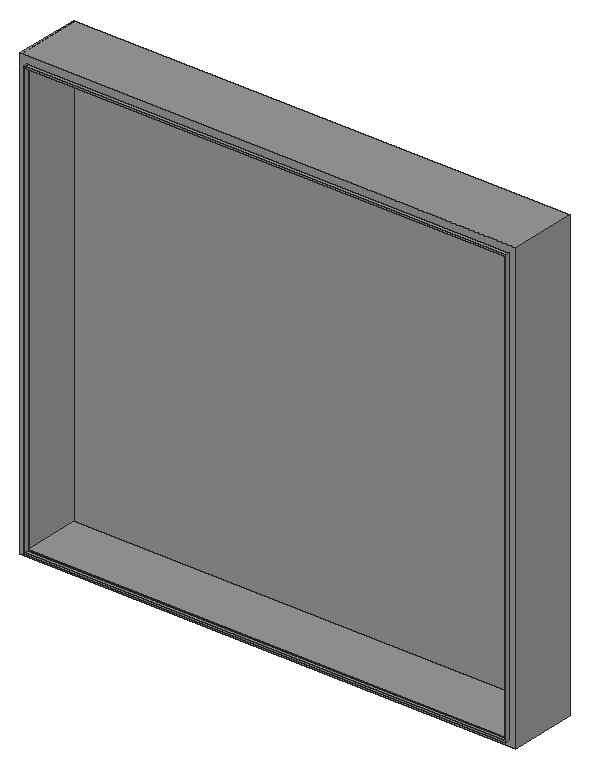
Revit family "Hager-Univers-IP30-D160-QS-Cl.II-FWQ_encl-NoHosted-NL-en", category Equipement électrique, Revit 2020
Family settings
  Configuration du panneau = Deux colonnes, circuits au sein
  Cote de connecteur circulaire = Utiliser le diamètre
  Type d'élément = Tableau de raccordement
  Basée sur le plan de construction = Oui
  Toujours verticalement = Oui
  Couper avec des vides une fois chargée = Non
  Partagée = Non
  Point de calcul de pièce = Non
Parameters (values of type "Surface mounted (plaster) IP30 W1050 H950 D160  - FWQ64D1")
  Width Control [instance] = if([EF000008 - Width] > Min Width, [EF000008 - Width], Min Width)  # 1050 mm
  Commentaires du type = [HG000003 - Range]  # "Univers"
  Thickness Door [instance] = if([EF009171 - Material plate thickness door/cover] > 3 mm, 3 mm, [EF009171 - Material plate thickness door/cover])  # 2 mm
  Seal Frame Offset [instance] = 17 mm  # constant formula
  Plinth Visibility [instance] = [HG000027 - Plinth height] > 0 mm  # no
  Min Width [instance] = 100 mm  # constant formula
  Min Depth [instance] = (2 * [EF009170 - Material plate thickness cabinet]) + 1 mm  # 5 mm
  Min Height [instance] = 100 mm  # constant formula
  Internal Frame Depth [instance] = (Door System Depth * 0.5)  # 9 mm
  Panel Name [instance] = ""  # (empty or 0)
  Model = ""
  HG000027 - Plinth height = 0 mm
  HG000026 - Floor standing = no
  HG000024 - Bottom section height = 600 mm
  HG000023 - Double section enclosure = no
  HG000016 - Door 3d visibility [instance] = yes
  HG000015 - Clearance visibility [instance] = no
  HG000014 - Door on the right [instance] = yes
  HG000013 - Door on the left [instance] = not([HG000014 - Door on the right])  # no
  HG000012 - Door swing angle [instance] = 30.00°
  HG000010 - Asymmetric doors = no
  HG000009 - Double swing door = no
  HG000006 - Flush mounted = no
  HG000004 - Manufacturer reference = "FWQ64D1"
  HG000003 - Range = "Univers"
  HG000002 - With door or cover = no
  Frame Offset Bottom [instance] = 10 mm  # constant formula
  Frame Offset [instance] = 15 mm  # constant formula
  EF015940 - Cover with overpressure release = no
  EF011959 - Degree of protection (NEMA) = ""
  EF009554 - Number of openings for flange plates = 8
  EF009212 - Cover model = "EV009916 - With notch"
  EF009171 - Material plate thickness door/cover = 2 mm
  EF009170 - Material plate thickness cabinet = 2 mm
  EF008873 - Nominal current (In) = 125 A
  EF007800 - Suitable for lightning protection = no
  EF006306 - With lock = no
  EF006244 - Transparent cover/door = no
  EF005474 - Degree of protection (IP) = "EV006410 - IP30"
  EF004464 - Type of door = "EV002646 - Single"
  EF004427 - Number of modules = 288
  EF004293 - Impact strength = ""
  EF003532 - Suitable for outdoor use = no
  EF002950 - Width in number of modular spacings = 48
  EF001613 - Circuit integrity = "EV000494 - None"
  EF001596 - Material housing = "EV000179 - Steel"
  EF001131 - Internal depth = 160 mm
  EF001088 - Extension possible = yes
  EF000437 - Number of conduit inlets = 16
  EF000339 - Type of cover = "EV001012 - Cover"
  EF000266 - Number of rows = 24
  EF000218 - Built-in depth = 0 mm
  EF000118 - With mounting plate = yes
  EF000116 - RAL-number = "9010"
  EF000049 - Depth = 160 mm
  EF000040 - Height = 950 mm
  EF000008 - Width = 1050 mm
  EF000007 - Colour = "EV000202 - White"
  EF000003 - Mounting method = "EV000384 - Surface mounted (plaster)"
  Door System Leaf Tolerance [instance] = 1.5 mm  # constant formula
  Door System Depth [instance] = 18 mm  # constant formula
  Door Height [instance] = Height Control - [HG000027 - Plinth height]  # 950 mm
  Description = ""
  Default Elevation = 1219.2 mm
  Connector Offset [instance] = Height Control / 2  # 475 mm
  Fabricant = "Hager"  # constant formula
  Height Control [instance] = if([EF000040 - Height] > Min Height, [EF000040 - Height], Min Height)  # 950 mm
  Depth Control [instance] = if([EF000049 - Depth] > Min Depth, [EF000049 - Depth], Min Depth)  # 160 mm
  Bottom Top Plate Trim [instance] = 1.5 mm  # constant formula
  Plinth height Ctrl [instance] = if([HG000027 - Plinth height] > 0 mm, [HG000027 - Plinth height], 12 mm)  # 12 mm
Reference planes
  plane 1 "Center (Front/Back)": y = 0
  plane 2: z = 0
  plane 3 "Center (Left/Right)": x = 0
  plane 4: y = 0
  plane 5: y = 0
  plane 6: z = 0
  plane 7: x = -525
  plane 8: x = 525
  plane 9: x = 523
  plane 10: x = -523
  plane 11: z = 0
  plane 12: z = 2
  plane 13: y = -160
  plane 14: y = -2
  plane 15: x = 0
  plane 16: y = -142
  plane 17: y = -158
  plane 18: y = -140
  plane 19: x = -508
  plane 20: x = 508
  plane 21: z = 12
  plane 22: x = -508
  plane 23: x = 508
  plane 24: z = 0
  plane 25: z = 950
  plane 26: z = 950
  plane 27: z = 933
  plane 28: z = 948
Forms (mm)
  Extrusion 1, solid, material "Hager_Steel_RAL7035_Light_Grey", detail levels medium+fine
    sketch origin (-208.679, -4572, 0) x (-1, 0, 0) y (0, -1, 0)
      loop
        line (316.321, -4430) -> (-733.679, -4430) -> (-733.679, -4572) -> (316.321, -4572) -> (316.321, -4430)
    from 0 to 950
  Extrusion 2, void
    sketch origin (-350.771, -160, 1219.2) x (1, 0, 0) y (0, 0, 1)
      loop
        line (-172.229, -271.2) -> (-172.229, -1217.2) -> (873.771, -1217.2) -> (873.771, -271.2) -> (-172.229, -271.2)
    from -20 to -158
  Extrusion 3, void
    sketch origin (-290.084, -142, 1219.2) x (1, 0, 0) y (0, 0, 1)
      loop
        line (-217.916, -1207.2) -> (798.084, -1207.2) -> (798.084, -286.2) -> (-217.916, -286.2) -> (-217.916, -1207.2)
    from 0 to -2
  Extrusion 4, solid, material "Hager_Steel_RAL7035_Light_Grey", visible <- "Plinth Visibility", detail levels medium+fine
    sketch origin (0, 0, 0) x (1, 0, 0) y (0, 1, 0)
      loop
        line (-525, 0) -> (-525, -142) -> (525, -142) -> (525, 0) -> (-525, 0)
    from 0 to 12 <- "Plinth height Ctrl"
  Extrusion 5, solid, material "Hager_Steel_RAL7035_Light_Grey", detail levels coarse
    sketch origin (0, 0, 0) x (1, 0, 0) y (0, 1, 0)
      loop
        line (-525, 0) -> (-525, -160) -> (525, -160) -> (525, 0) -> (-525, 0)
    from 0 to 950 <- "Height Control"
  Sweep 6, void
    path in 3D
      loop
        line (-525, -142, 12) -> (525, -142, 12) -> (525, 0, 12) -> (-525, 0, 12) -> (-525, -142, 12)
    profile origin (-525, -71, 12) x (1, 0, 0) y (0, 0, 1)
      loop
        line (0, 0) -> (0, -1.5) -> (1.5, -1.5)
        arc (1.5, -1.5) -> (1.061, -0.439) -> (0, 0) r 1.5
  Extrusion 7, solid, material "Hager_Steel_RAL7035_Light_Grey", detail levels fine
    sketch origin (-525, -142, 0) x (1, 0, 0) y (0, 0, 1)
      loop
        line (17, 12) -> (1033, 12) -> (1033, 933) -> (17, 933) -> (17, 12)
      loop
        line (15, 10) -> (1035, 10) -> (1035, 935) -> (15, 935) -> (15, 10)
    from 0 to 9 <- "Internal Frame Depth"
Cuts and joins
  Extrusion 2, Extrusion 3 cuts Extrusion 1
  Sweep 6 cuts Extrusion 4
Lines and regions (mm)
  Masking region 1
    outline origin (0, 0, 0) x (1, 0, 0) y (0, 1, 0)
      loop
        line (-525, 0) -> (-525, -160) -> (525, -160) -> (525, 0) -> (-525, 0)
  Masking region 2, detail levels coarse
    outline origin (-290.084, -142, 1219.2) x (-1, 0, 0) y (0, 0, 1)
      loop
        line (-815.084, -1219.2) -> (234.916, -1219.2) -> (234.916, -269.2) -> (-815.084, -269.2) -> (-815.084, -1219.2)
  Masking region 3, detail levels coarse
    outline origin (0, 0, 0) x (0, 1, 0) y (0, 0, 1)
      loop
        line (0, 0) -> (0, 950) -> (-160, 950) -> (-160, 0) -> (0, 0)
  Masking region 4, visible <- "Plinth Visibility", detail levels medium+fine
    outline origin (0, 0, 0) x (0, 1, 0) y (0, 0, 1)
      loop
        line (-1.5, 12) -> (-140.5, 12)
        arc (-140.5, 12) -> (-140.939, 10.939) -> (-142, 10.5) r 1.5
        line (-142, 10.5) -> (-142, 0) -> (0, 0) -> (0, 10.5)
        arc (0, 10.5) -> (-1.061, 10.939) -> (-1.5, 12) r 1.5
  Masking region 5, detail levels medium+fine
    outline origin (0, 0, 594.038) x (0, 1, 0) y (0, 0, 1)
      loop
        line (0, -594.038) -> (0, 355.962) -> (-142, 355.962) -> (-142, -594.038) -> (0, -594.038)
  Masking region 6, detail levels medium+fine
    outline origin (-359.7, -142, 1211.883) x (-1, 0, 0) y (0, 0, 1)
      loop
        line (-884.7, -1211.883) -> (165.3, -1211.883) -> (165.3, -261.883) -> (-884.7, -261.883) -> (-884.7, -1211.883)
  Masking region 7, visible <- "Plinth Visibility", detail levels medium+fine
    outline origin (-320.334, -142, 1041.368) x (-1, 0, 0) y (0, 0, 1)
      loop
        line (-845.334, -1041.368) -> (204.666, -1041.368) -> (204.666, -1030.868)
        arc (204.666, -1030.868) -> (203.606, -1030.429) -> (203.166, -1029.368) r 1.5
        line (203.166, -1029.368) -> (-843.834, -1029.368)
        arc (-843.834, -1029.368) -> (-844.273, -1030.429) -> (-845.334, -1030.868) r 1.5
        line (-845.334, -1030.868) -> (-845.334, -1041.368)
  sketch lines
    curve 1: line (-525, 0, 12) -> (-525, -142, 12)
    curve 2: line (-525, -142, 12) -> (525, -142, 12)
    curve 3: line (525, 0, 12) -> (-525, 0, 12)
    curve 4: line (525, -142, 12) -> (525, 0, 12)
Dimensions and locks
  locked: plane 1 "Center (Front/Back)" to plane 5
  "EF009170 - Material plate thickness cabinet": plane 7 to plane 10
  "EF009170 - Material plate thickness cabinet": plane 8 to plane 9
  equal spacing: plane 7, plane 3 "Center (Left/Right)", plane 8
  "Width Control": plane 7 to plane 8
  "Depth Control": plane 4 to plane 13
  "EF009170 - Material plate thickness cabinet": plane 4 to plane 14
  "Height Control": plane 25 to level
  "HG000027 - Plinth height": plane 11 to level
  "EF009170 - Material plate thickness cabinet": plane 12 to plane 11
  "EF009170 - Material plate thickness cabinet": plane 17 to plane 13
  "EF009170 - Material plate thickness cabinet": plane 18 to plane 16
  "Frame Offset Bottom": plane 21 to plane 12
  "Frame Offset": plane 10 to plane 19
  "Frame Offset": plane 9 to plane 20
  "Door System Depth": plane 16 to plane 13
  "Seal Frame Offset": plane 7 to plane 22
  "Seal Frame Offset": plane 8 to plane 23
  "EF009170 - Material plate thickness cabinet": plane 26 to plane 28
  "Frame Offset": plane 28 to plane 27
  "Connector Offset": plane 2 to connector elem
  "Bottom Top Plate Trim": profile plane to Sweep 6 sketch curve
  "Bottom Top Plate Trim": Sweep 6 sketch curve to Sweep 6 sketch curve
  "Plinth height Ctrl": Masking region 4 sketch curve to level
  "Plinth height Ctrl": Masking region 7 sketch curve to level
  "Thickness Door": Extrusion 7 sketch curve to Extrusion 7 sketch curve  (x4)
  "Bottom Top Plate Trim": radius of Sweep 6 sketch curve
  "Bottom Top Plate Trim": radius of Masking region 4 sketch curve  (x2)
  "Bottom Top Plate Trim": radius of Masking region 7 sketch curve  (x2)
  aligned and locked: Extrusion 2 sketch curve to plane 12
  aligned and locked: Extrusion 2 sketch curve to plane 9
  aligned and locked: Extrusion 2 sketch curve to plane 10
  aligned and locked: Extrusion 2 to plane 14
  aligned and locked: Extrusion 1 sketch curve to plane 4
  aligned and locked: plane 8 to Extrusion 1 sketch curve
  aligned and locked: plane 7 to Extrusion 1 sketch curve
  aligned and locked: Extrusion 2 to plane 18
  aligned and locked: Extrusion 3 sketch curve to plane 19
  aligned and locked: plane 20 to Extrusion 3 sketch curve
  aligned and locked: Extrusion 3 to Extrusion 2
  aligned and locked: Extrusion 3 sketch curve to plane 21
  aligned and locked: plane 3 "Center (Left/Right)" to nested 1
  aligned and locked: Extrusion 1 sketch curve to plane 16
  aligned and locked: Extrusion 4 sketch curve to cut or joined group of Extrusion 1, Extrusion 2, Extrusion 3
  aligned and locked: Masking region 1 sketch curve to plane 7
  aligned and locked: Masking region 1 sketch curve to plane 5
  aligned and locked: Masking region 1 sketch curve to plane 8
  aligned and locked: Masking region 2 sketch curve to level
  aligned and locked: level to Masking region 3 sketch curve
  aligned and locked: plane 1 "Center (Front/Back)" to Masking region 3 sketch curve
  aligned and locked: plane 13 to Masking region 3 sketch curve
  aligned and locked: plane 5 to Masking region 4 sketch curve
  aligned and locked: Masking region 2 sketch curve to plane 8
  aligned and locked: Masking region 2 sketch curve to plane 7
  aligned and locked: plane 7 to nested 2
  aligned and locked: nested 2 to plane 5
  aligned and locked: plane 5 to Masking region 5 sketch curve
  aligned and locked: plane 26 to Masking region 5 sketch curve
  aligned and locked: Extrusion 5 sketch curve to plane 8
  aligned and locked: Extrusion 5 sketch curve to plane 7
  aligned and locked: Extrusion 5 sketch curve to plane 5
  aligned and locked: Extrusion 3 sketch curve to plane 27
  aligned and locked: Extrusion 2 sketch curve to plane 28
  aligned and locked: Masking region 2 to plane 25
  aligned and locked: Extrusion 4 to plane 16
  aligned and locked: profile plane to Sweep 6 sketch curve
  aligned and locked: Masking region 5 sketch curve to plane 24
  aligned and locked: level to Masking region 4 sketch curve
  aligned and locked: Masking region 1 to plane 13
  aligned and locked: nested 1 to plane 16
  aligned and locked: Masking region 3 to plane 25
  aligned and locked: plane 16 to Masking region 4 sketch curve
  aligned and locked: Masking region 5 sketch curve to plane 16
  aligned and locked: plane 24 to plane 11
  aligned and locked: plane 26 to plane 25
  aligned and locked: plane 26 to cut or joined group of Extrusion 1, Extrusion 2, Extrusion 3
  aligned and locked: nested 1 to plane 24
  aligned and locked: Extrusion 1 to Extrusion 3
  aligned and locked: Masking region 6 sketch curve to plane 8
  aligned and locked: Masking region 6 sketch curve to plane 24
  aligned and locked: Masking region 6 sketch curve to plane 7
  aligned and locked: Masking region 6 sketch curve to plane 26
  aligned and locked: Masking region 7 sketch curve to plane 7
  aligned and locked: level to Masking region 7 sketch curve
  aligned and locked: Masking region 7 sketch curve to plane 8
  aligned and locked: Extrusion 7 sketch curve to cut or joined group of Extrusion 1, Extrusion 2, Extrusion 3  (x4)
Automatic sketch dimensions
  plane 19 to Extrusion 3 sketch curve = 0 mm
  Extrusion 3 sketch curve to plane 20 = 0 mm
  Extrusion 3 sketch curve to plane 21 = 0 mm
  Extrusion 4 sketch curve to plane 7 = 0 mm
  Extrusion 4 sketch curve to plane 8 = 0 mm
  Extrusion 4 sketch curve to plane 16 = 0 mm
  Masking region 1 sketch curve to plane 13 = 0 mm
  Masking region 2 sketch curve to plane 25 = 0 mm
  Masking region 3 sketch curve to plane 25 = 0 mm
  Extrusion 5 sketch curve to plane 13 = 0 mm
  profile plane to Sweep 6 sketch curve = 0 mm
Nested families
  nested 1: "EC000058_Univers_Door" at (0, -142, 0), Double <- "HG000009 - Double swing door", Transparent <- "EF006244 - Transparent cover/door", Angle <- "HG000012 - Door swing angle", Door_Right <- "HG000014 - Door on the right", Assymetrical <- "HG000010 - Asymmetric doors", Door <- "HG000002 - With door or cover", Width_Ctrl <- "Width Control", 3d_Door <- "HG000016 - Door 3d visibility", Clearance <- "HG000015 - Clearance visibility", Door_Left <- "HG000013 - Door on the left", Width <- "Width Control", Door_Depth <- "Door System Depth", Leaf_Tolerance <- "Door System Leaf Tolerance", Height <- "Door Height", Lock_Visibility <- "EF006306 - With lock", Thickness <- "Thickness Door", type "EC000058_Univers_Door", detail levels medium+fine
    with min_wh 5 mm, Width_Ctrl 1050 mm, Width 1050 mm, Transparent no, Thickness 2 mm, Seal_Material Hager_Rubber, Lock_Visibility no, Lock_Material Hager_Plastic_RAL9005_Jet_Black, Leaf_Width 1050 mm, Leaf_Tolerance_External_Sides 0 mm, Leaf_Tolerance 1.5 mm, Leaf_Offset 0 mm, Leaf_Height 947 mm, Leaf_2_Width 1050 mm, Leaf_2_Offset 525 mm, Leaf_1_Width 1050 mm, Leaf_1_Offset 525 mm, Height_Ctrl 950 mm, Height 950 mm, Glass_Material Hager_Glass, Double_Clearance_Ctrl no, Double no, Door_Right_Ctrl no, Door_Right yes, Door_Material Hager_Steel_RAL7035_Light_Grey, Door_Left_Ctrl no, Door_Left no, Door_Depth 18 mm, Door no, Clearance_Material Hager_Clearance, Clearance_Depth 1050 mm, Clearance_Ctrl no, Clearance no, Assymetrical no, Angle 30.00°, 3d_Door yes
  nested 2: "Hager_Enclosure_Symbol" at (-525, 0, 0), Height <- "Depth Control", Width <- "Width Control", type "Hager_Enclosure_Symbol"
    with Width_Ctrl 1050 mm, Width 1050 mm, Height_Ctrl 160 mm, Height 160 mm, A_Width_Int 10.5 mm, A_Width 126 mm, A_Height_Ctrl 140 mm, A_Height 140 mm
Connectors
  electrical at (0, 0, 475)
    settings: on plane 1 "Center (Front/Back)", index 1, voltage 0 V, apparent load 0 VA, apparent load phase1 0 VA, apparent load phase2 0 VA, apparent load phase3 0 VA, power factor 1, load classification "Other", number of poles 1, system type 30, power factor state 1, is connector primary yes, connector utility no, sub classification motor no, connector description ""
Definition of nested family "EC000058_Univers_Door"
  Parameters (values of type "EC000058_Univers_Door")
    min_wh [instance] = (2 * Thickness) + 1 mm  # 11 mm
    Width_Ctrl [instance] = 400 mm
    Width [instance] = 500 mm
    Transparent [instance] = yes
    Thickness [instance] = 5 mm
    Seal_Material [instance] = none
    Lock_Visibility [instance] = yes
    Lock_Material [instance] = none
    Leaf_Width [instance] = if((Width_Ctrl - 2 * Leaf_Tolerance_External_Sides) > 0 mm, (Width_Ctrl - 2 * Leaf_Tolerance_External_Sides), min_wh)  # 400 mm
    Leaf_Tolerance_External_Sides [instance] = 0 mm  # constant formula
    Leaf_Tolerance [instance] = 1.5 mm
    Leaf_Offset [instance] = 0 mm  # constant formula
    Leaf_Height [instance] = if((Height_Ctrl - 2 * Leaf_Tolerance) > 0 mm, (Height_Ctrl - 2 * Leaf_Tolerance), min_wh)  # 497 mm
    Leaf_2_Width [instance] = if(and(and(Double, Assymetrical), Door_Left), (Leaf_Width / 3) - (Leaf_Tolerance / 2), if(and(and(Double, Assymetrical), Door_Right), (Leaf_Width / 3) * 2 - (Leaf_Tolerance / 2), if(and(Double, not(Assymetrical)), (Leaf_Width / 2) - Leaf_Tolerance, Leaf_Width)))  # 400 mm
    Leaf_2_Offset [instance] = if(and(Double, Assymetrical), Leaf_2_Width / 2, if(and(Double, not(Assymetrical)), Leaf_Width / 4, Leaf_Width / 2))  # 200 mm
    Leaf_1_Width [instance] = if(and(and(Double, Assymetrical), Door_Right), (Leaf_Width / 3) - (Leaf_Tolerance / 2), if(and(and(Double, Assymetrical), Door_Left), (Width / 3) * 2 - (Leaf_Tolerance / 2), if(and(Double, not(Assymetrical)), (Leaf_Width / 2) - Leaf_Tolerance, Leaf_Width)))  # 400 mm
    Leaf_1_Offset [instance] = if(and(Double, Assymetrical), Leaf_1_Width / 2, if(and(Double, not(Assymetrical)), Leaf_Width / 4, Leaf_Width / 2))  # 200 mm
    Height_Ctrl [instance] = if(Height > min_wh, Height, min_wh)  # 500 mm
    Height [instance] = 500 mm
    Glass_Material [instance] = none
    Double_Clearance_Ctrl [instance] = and(Double, Clearance)  # no
    Double [instance] = no
    Door_Right_Ctrl [instance] = and(or(Door_Right, Double), Door)  # yes
    Door_Right [instance] = yes
    Door_Material [instance] = none
    Door_Left_Ctrl [instance] = and(or(Door_Left, Double), Door)  # no
    Door_Left [instance] = no
    Door_Depth [instance] = 30 mm
    Door [instance] = yes
    Default Elevation = 1219.2 mm
    Clearance_Material [instance] = none
    Clearance_Depth [instance] = if(Leaf_1_Width > Leaf_2_Width, Leaf_1_Width, Leaf_2_Width)  # 400 mm
    Clearance_Ctrl [instance] = and(not(Double), Clearance)  # yes
    Clearance [instance] = yes
    Assymetrical [instance] = yes
    Angle [instance] = 30.00°
    3d_Door [instance] = yes
  Reference planes
    plane 1 "Center (Front/Back)": y = 0
    plane 2 "Bottom": z = 0
    plane 3 "Center (Left/Right)": x = 0
    plane 4: z = 500
    plane 5: x = -200
    plane 6: x = 200
    plane 7: z = 500
    plane 8: x = -200
    plane 9: z = 0
    plane 10: x = 200
    plane 11: y = 0
    plane 12: z = 1.5
    plane 13: x = -600
    plane 14: y = -400
    plane 15: x = 600
    plane 16: x = 0
    plane 17: x = 0
    plane 18: x = -200
    plane 19: x = 200
    plane 20: z = 498.5
  Forms (mm)
    Extrusion 1, solid, material <- "Clearance_Material", visible <- "Double_Clearance_Ctrl"
      sketch origin (1200, 0, 0) x (1, 0, 0) y (0, 0, -1)
        loop
          line (-1800, -498.5) -> (-600, -498.5) -> (-600, 0) -> (-1800, 0) -> (-1800, -498.5)
      from 0 to -400
  Dimensions and locks
    equal spacing: plane 5, plane 3 "Center (Left/Right)", plane 6
    "Width_Ctrl": plane 5 to plane 6
    "Leaf_Offset": plane 5 to plane 8
    "Leaf_Offset": plane 6 to plane 10
    "Leaf_Offset": plane 9 to level
    "Leaf_Offset": plane 4 to plane 7
    "Height_Ctrl": plane 4 to level
    "Leaf_Tolerance": plane 12 to plane 9
    locked: plane 11 to plane 1 "Center (Front/Back)"
    "Leaf_1_Offset": plane 18 to plane 16
    "Leaf_2_Offset": plane 17 to plane 19
    "Leaf_1_Width": plane 13 to plane 8
    "Leaf_2_Width": plane 10 to plane 15
    "Clearance_Depth": plane 14 to plane 1 "Center (Front/Back)"
    "Leaf_Tolerance_External_Sides": plane 8 to plane 18
    "Leaf_Tolerance_External_Sides": plane 19 to plane 10
    "Leaf_Tolerance": plane 7 to plane 20
    aligned and locked: level to plane 2 "Bottom"
    aligned and locked: nested 1 to plane 16
    aligned and locked: nested 2 to plane 17
    aligned and locked: Extrusion 1 to plane 13
    aligned and locked: plane 15 to Extrusion 1
    aligned and locked: Extrusion 1 to plane 14
    aligned and locked: plane 12 to nested 1
    aligned and locked: nested 2 to plane 12
    aligned and locked: Extrusion 1 to plane 11
    aligned and locked: plane 20 to Extrusion 1
    aligned and locked: nested 2 to plane 11
    aligned and locked: nested 1 to plane 11
  Automatic sketch dimensions
    Extrusion 1 sketch curve to level = 0 mm
    plane 5 to Extrusion 1 sketch curve = 400 mm
    plane 6 to Extrusion 1 sketch curve = 400 mm
    Extrusion 1 sketch curve to plane 4 = 1.5 mm
  Nested families
    nested 1: "EC000058_Univers_Door_Leaf" at (0, 0, 1.5), Width <- "Leaf_1_Width", visible <- "Door_Left_Ctrl", Leaf_Height <- "Leaf_Height", Angle <- "Angle", 3d_Door <- "3d_Door", Transparent <- "Transparent", Clearance Material <- "Clearance_Material", Clearance <- "Clearance_Ctrl", Door_Material <- "Door_Material", Glass_Material <- "Glass_Material", Door_Depth <- "Door_Depth", Lock_Material <- "Lock_Material", Seal_Material <- "Seal_Material", Lock_Visibility <- "Lock_Visibility", Thickness <- "Thickness", type "EC000058_Univers_Door_Leaf"
      with Width 400 mm, Transparent_Glass_Offset 30 mm, Transparent_Ctrl yes, Transparent yes, Thickness 5 mm, Standard no, Seal_Material none, Seal_D2 8 mm, Seal_D1 1 mm, Offset_Internal_Frame 10 mm, Lock_Width 20 mm, Lock_Visibility_3d yes, Lock_Visibility yes, Lock_Thickness_3 3 mm, Lock_Thickness_2 1 mm, Lock_Thickness_1 3 mm, Lock_Radius_Offset_2 16 mm, Lock_Radius_Offset_1 15 mm, Lock_Radius_2 5 mm, Lock_Radius 6 mm, Lock_Offset 5 mm, Lock_Material none, Lock_Height 80 mm, Lock_Cover_Top_Offset_2d 17 mm, Lock_Cover_Height -65 mm, Leaf_Height 497 mm, Internal_Seal_Thickness 8 mm, Internal_Seal_Depth_2 4.5 mm, Internal_Frame_Depth 25 mm, Glass_Thickness -1 mm, Glass_Offset -2 mm, Glass_Material none, Door_Material none, Door_Depth 30 mm, Clearance Material none, Clearance yes, Angle_Ctrl 30.00°, Angle 30.00°, 3d_Door yes
    nested 2: "EC000058_Univers_Door_Leaf" at (0, 0, 1.5) x (-1, 0, 0) z (0, 0, 1), Width <- "Leaf_2_Width", visible <- "Door_Right_Ctrl", Leaf_Height <- "Leaf_Height", Angle <- "Angle", 3d_Door <- "3d_Door", Transparent <- "Transparent", Clearance Material <- "Clearance_Material", Clearance <- "Clearance_Ctrl", Door_Material <- "Door_Material", Glass_Material <- "Glass_Material", Door_Depth <- "Door_Depth", Lock_Material <- "Lock_Material", Seal_Material <- "Seal_Material", Lock_Visibility <- "Lock_Visibility", Thickness <- "Thickness", type "EC000058_Univers_Door_Leaf"
      with Width 400 mm, Transparent_Glass_Offset 30 mm, Transparent_Ctrl yes, Transparent yes, Thickness 5 mm, Standard no, Seal_Material none, Seal_D2 8 mm, Seal_D1 1 mm, Offset_Internal_Frame 10 mm, Lock_Width 20 mm, Lock_Visibility_3d yes, Lock_Visibility yes, Lock_Thickness_3 3 mm, Lock_Thickness_2 1 mm, Lock_Thickness_1 3 mm, Lock_Radius_Offset_2 16 mm, Lock_Radius_Offset_1 15 mm, Lock_Radius_2 5 mm, Lock_Radius 6 mm, Lock_Offset 5 mm, Lock_Material none, Lock_Height 80 mm, Lock_Cover_Top_Offset_2d 17 mm, Lock_Cover_Height -65 mm, Leaf_Height 497 mm, Internal_Seal_Thickness 8 mm, Internal_Seal_Depth_2 4.5 mm, Internal_Frame_Depth 25 mm, Glass_Thickness -1 mm, Glass_Offset -2 mm, Glass_Material none, Door_Material none, Door_Depth 30 mm, Clearance Material none, Clearance yes, Angle_Ctrl 30.00°, Angle 30.00°, 3d_Door yes
  Definition of nested family "EC000058_Univers_Door_Leaf"
    Parameters (values of type "EC000058_Univers_Door_Leaf")
      Width [instance] = 2000 mm
      Transparent_Glass_Offset [instance] = 30 mm
      Transparent_Ctrl [instance] = and(Transparent, [3d_Door])  # yes
      Transparent [instance] = yes
      Thickness [instance] = 5 mm
      Standard [instance] = and(not(Transparent), [3d_Door])  # no
      Seal_Material [instance] = none
      Seal_D2 [instance] = 8 mm  # constant formula
      Seal_D1 [instance] = 1 mm  # constant formula
      Offset_Internal_Frame [instance] = 10 mm  # constant formula
      Lock_Width [instance] = 20 mm  # constant formula
      Lock_Visibility_3d [instance] = and(Lock_Visibility, [3d_Door])  # yes
      Lock_Visibility [instance] = yes
      Lock_Thickness_3 [instance] = 3 mm  # constant formula
      Lock_Thickness_2 [instance] = 1 mm  # constant formula
      Lock_Thickness_1 [instance] = 3 mm  # constant formula
      Lock_Radius_Offset_2 [instance] = Lock_Radius_Offset_1 + 1 mm  # 16 mm
      Lock_Radius_Offset_1 [instance] = 15 mm  # constant formula
      Lock_Radius_2 [instance] = Lock_Radius - 1 mm  # 5 mm
      Lock_Radius [instance] = 6 mm  # constant formula
      Lock_Offset [instance] = 5 mm  # constant formula
      Lock_Material [instance] = none
      Lock_Height [instance] = 80 mm  # constant formula
      Lock_Cover_Top_Offset_2d [instance] = Lock_Radius_Offset_2 + 1 mm  # 17 mm
      Lock_Cover_Height [instance] = -(Lock_Height - Lock_Radius_Offset_1)  # -65 mm
      Leaf_Height [instance] = 2720.336 mm
      Internal_Seal_Thickness [instance] = 8 mm  # constant formula
      Internal_Seal_Depth_2 [instance] = 4.5 mm  # constant formula
      Internal_Frame_Depth [instance] = if(Door_Depth - Thickness > 5 mm, Door_Depth - Thickness, 5 mm)  # 25 mm
      Glass_Thickness [instance] = if(Thickness > 15 mm, Glass_Offset + 10 mm, -1 mm)  # -1 mm
      Glass_Offset [instance] = if(Thickness > 15 mm, -(Thickness + 10 mm) / 2, -2 mm)  # -2 mm
      Glass_Material [instance] = none
      Door_Material [instance] = none
      Door_Depth [instance] = 30 mm
      Default Elevation = 0 mm
      Clearance Material [instance] = none
      Clearance [instance] = yes
      Angle_Ctrl [instance] = if(Angle > 180.00°, 180.00°, Angle)  # 90.00°
      Angle [instance] = 90.00°
      3d_Door [instance] = yes
    Reference planes
      plane 1 "Center (Front/Back)": y = 0
      plane 2: z = 0
      plane 3 "Center (Left/Right)": x = 0
      plane 4: y = 2000
      plane 5: x = -1000
      plane 6: x = 1000
      plane 7: x = -3000
      plane 8: z = 2720.336
      plane 9: z = 30
      plane 10: z = 2690.336
      plane 11: x = 970
      plane 12: x = -970
      plane 13: y = -3
      plane 14: z = 107.833
      plane 15: y = -5
      plane 16: y = -223.314
      plane 17: x = -1000
      plane 18: z = 1360.168
      plane 19: y = 30
    Forms (mm)
      Extrusion 1, solid, material <- "Clearance Material", visible <- "Clearance"
        sketch origin (0, 0, 0) x (1, 0, 0) y (0, 0, 1)
          loop
            line (-3000, 2720.336) -> (-3000, 0) -> (1000, 0) -> (1000, 2720.336) -> (-3000, 2720.336)
        from 0 to -2000
      Extrusion 2, solid, material <- "Door_Material", visible <- "Standard", detail levels medium+fine
        sketch origin (-1000, 0, 0) x (0, 1, 0) y (-1, 0, 0)
          loop
            line (0, 30) -> (0, 25) -> (2000, 25) -> (2000, 30) -> (0, 30)
        from 0 to 2720.336 <- "Leaf_Height"
      Extrusion 3, solid, material <- "Door_Material", visible <- "Transparent_Ctrl", detail levels medium+fine
        sketch origin (-1000, 0, 0) x (0, 1, 0) y (-1, 0, 0)
          loop
            line (0, 25) -> (2000, 25) -> (2000, 30) -> (0, 30) -> (0, 25)
        from 0 to 2720.336 <- "Leaf_Height"
      Extrusion 4, void
        sketch origin (-1025, 2000, 0) x (0, 1, 0) y (0, 0, -1)
          loop
            line (-30, -2690.336) -> (-30, -30) -> (-1970, -30) -> (-1970, -2690.336) -> (-30, -2690.336)
        from 0 to 5 <- "Thickness"
      Sweep 5, solid, material <- "Seal_Material", visible <- "Transparent_Ctrl", detail levels fine
        path in 3D
          loop
            line (-1025, 30, 30) -> (-1025, 30, 2690.336) -> (-1025, 1970, 2690.336) -> (-1025, 1970, 30) -> (-1025, 30, 30)
        profile origin (-1025, 1000, 30) x (1, 0, 0) y (0, 0, 1)
          loop
            line (0, 0) -> (0, -8) -> (1, -8) -> (1, 0) -> (0, 0)
      Extrusion 6, solid, material <- "Glass_Material", visible <- "Transparent_Ctrl", detail levels medium+fine
        sketch origin (-1030, 0, 0) x (0, 1, 0) y (0, 0, -1)
          loop
            line (1970, -2690.336) -> (1970, -30) -> (30, -30) -> (30, -2690.336) -> (1970, -2690.336)
        from -2 <- "Glass_Offset" to -1 <- "Glass_Thickness"
      Extrusion 7, solid, material <- "Door_Material", visible <- "3d_Door", detail levels medium+fine
        sketch origin (-1025, 2000, 0) x (0, -1, 0) y (0, 0, -1)
          loop
            line (0, -2720.336) -> (2000, -2720.336) -> (2000, 0) -> (0, 0) -> (0, -2720.336)
          loop
            line (1995, -5) -> (5, -5) -> (5, -2715.336) -> (1995, -2715.336) -> (1995, -5)
        from 0 to 25 <- "Internal_Frame_Depth"
      Sweep 8, solid, material <- "Seal_Material", visible <- "Transparent_Ctrl", detail levels fine
        path in 3D
          loop
            line (-1025, 0, 0) -> (-1025, 2000, 0) -> (-1025, 2000, 2720.336) -> (-1025, 0, 2720.336) -> (-1025, 0, 0)
        profile origin (-1025, 0, 1360.168) x (1, 0, 0) y (0, 1, 0)
          loop
            line (0, 10) -> (2.975, 10)
            arc (2.975, 10) -> (4.053, 10.447) -> (4.5, 11.525) r 1.525
            line (4.5, 11.525) -> (4.5, 16.527)
            arc (4.5, 16.527) -> (4.069, 17.569) -> (3.027, 18) r 1.473
            line (3.027, 18) -> (0, 18) -> (0, 10)
      Extrusion 9, solid, material <- "Lock_Material", visible <- "Lock_Visibility_3d", detail levels fine
        sketch origin (-1030, 0, 0) x (0, 1, 0) y (0, 0, -1)
          loop
            arc (1993.5, -1400.168) -> (1994.561, -1399.729) -> (1995, -1398.668) r 1.5
            line (1995, -1398.668) -> (1995, -1320.168) -> (1975, -1320.168) -> (1975, -1398.668)
            arc (1975, -1398.668) -> (1975.439, -1399.729) -> (1976.5, -1400.168) r 1.5
            line (1976.5, -1400.168) -> (1993.5, -1400.168)
        from 3 <- "Lock_Thickness_1" to 0
      Blend 10, solid, material <- "Lock_Material", visible <- "Lock_Visibility_3d", detail levels fine
        base sketch origin (-1033, 0, 0) x (0, 1, 0) y (0, 0, -1)
          loop
            line (1975, -1320.168) -> (1975, -1398.668)
            arc (1975, -1398.668) -> (1975.439, -1399.729) -> (1976.5, -1400.168) r 1.5
            line (1976.5, -1400.168) -> (1993.5, -1400.168)
            arc (1993.5, -1400.168) -> (1994.561, -1399.729) -> (1995, -1398.668) r 1.5
            line (1995, -1398.668) -> (1995, -1320.168) -> (1975, -1320.168)
        top sketch origin (-1033, 0, 0) x (0, 1, 0) y (0, 0, -1)
          loop
            line (1976, -1320.168) -> (1976, -1398.668)
            arc (1976, -1398.668) -> (1976.146, -1399.022) -> (1976.5, -1399.168) r 0.5
            line (1976.5, -1399.168) -> (1993.5, -1399.168)
            arc (1993.5, -1399.168) -> (1993.854, -1399.022) -> (1994, -1398.668) r 0.5
            line (1994, -1398.668) -> (1994, -1320.168) -> (1976, -1320.168)
        from 0 to 1 <- "Lock_Thickness_2"
      Blend 11, solid, material <- "Lock_Material", visible <- "Lock_Visibility_3d", detail levels fine
        base sketch origin (-1034, 0, 0) x (0, 1, 0) y (0, 0, -1)
          loop
            line (1978, -1320.168) -> (1978, -1384.168)
            arc (1978, -1384.168) -> (1985, -1391.168) -> (1992, -1384.168) r 7
            line (1992, -1384.168) -> (1992, -1320.168) -> (1978, -1320.168)
        top sketch origin (-1034, 0, 0) x (0, 1, 0) y (0, 0, -1)
          loop
            line (1991, -1320.168) -> (1979, -1320.168) -> (1979, -1383.168)
            arc (1979, -1383.168) -> (1985, -1389.168) -> (1991, -1383.168) r 6
            line (1991, -1383.168) -> (1991, -1320.168)
        from 0 to 3 <- "Lock_Thickness_3"
      Extrusion 12, solid, material <- "Lock_Material", visible <- "Lock_Visibility_3d", detail levels fine
        sketch origin (-1030, 1975, 1320.168) x (1, 0, 0) y (0, -1, 0)
          loop
            line (-7, -19) -> (-7, -1) -> (0, -1) -> (0, 0) -> (-8, 0) -> (-8, -20) -> (0, -20) -> (0, -19) -> (-7, -19)
        from 0 to -65 <- "Lock_Cover_Height"
      Extrusion 13, void
        sketch origin (-1038, 1995, 1320.168) x (-1, 0, 0) y (0, 0, -1)
          loop
            line (-5, -65) -> (0, -65) -> (-5, -60) -> (-5, -65)
        from 0 to 20 <- "Lock_Width"
      Extrusion 14, void
        sketch origin (-1038, 1975, 1320.168) x (0, -1, 0) y (0, 0, -1)
          loop
            circle (-10, -15.995) r 6
          loop
            circle (-10, -15.995) r 5
        from 0 to 2
      Extrusion 15, solid, material <- "Lock_Material", visible <- "Lock_Visibility_3d", detail levels medium
        sketch origin (-1030, 0, 0) x (0, 1, 0) y (0, 0, -1)
          loop
            arc (1993.5, -1400.168) -> (1994.561, -1399.729) -> (1995, -1398.668) r 1.5
            line (1995, -1398.668) -> (1995, -1320.168) -> (1975, -1320.168) -> (1975, -1398.668)
            arc (1975, -1398.668) -> (1975.439, -1399.729) -> (1976.5, -1400.168) r 1.5
            line (1976.5, -1400.168) -> (1993.5, -1400.168)
        from 8 to 0
    Cuts and joins
      Extrusion 4 cuts Extrusion 3
      Extrusion 13, Extrusion 14 cuts Extrusion 9
      Extrusion 14 cuts Blend 11
      Extrusion 13, Extrusion 14 cuts Extrusion 12
      joined: Extrusion 9, Blend 10, Blend 11, Extrusion 12
      Extrusion 14 cuts Extrusion 15
    Lines and regions (mm)
      Masking region 1, visible <- "Lock_Visibility", detail levels fine
        outline origin (0, 0, 0) x (0, 1, 0) y (0, 0, 1)
          loop
            line (30, 1320.168) -> (33, 1320.168) -> (33, 1400.168) -> (30, 1400.168) -> (30, 1320.168)
      Masking region 2, visible <- "Lock_Visibility", detail levels fine
        outline origin (0, 3.143, 0) x (0, 1, 0) y (0, 0, 1)
          loop
            line (29.857, 1354.168) -> (30.857, 1354.168) -> (30.857, 1366.168) -> (29.857, 1366.168) -> (29.857, 1354.168)
      Masking region 3, detail levels medium+fine
        outline origin (0, 0, 0) x (0, 1, 0) y (0, 0, 1)
          loop
            line (0, 0) -> (30, 0) -> (30, 2720.336) -> (0, 2720.336) -> (0, 0)
      Masking region 4, detail levels medium+fine
        outline origin (0, 0, 0) x (1, 0, 0) y (0, 0, 1)
          loop
            line (-1000, 2720.336) -> (-1000, 0) -> (1000, 0) -> (1000, 2720.336) -> (-1000, 2720.336)
      Masking region 5, visible <- "Lock_Visibility", detail levels fine
        outline origin (-47.116, 0, 0) x (1, 0, 0) y (0, 0, 1)
          loop
            arc (1024.616, 1399.168) -> (1023.556, 1398.729) -> (1023.116, 1397.668) r 1.5
            line (1023.116, 1397.668) -> (1023.116, 1320.168) -> (1041.116, 1320.168) -> (1041.116, 1397.668)
            arc (1041.116, 1397.668) -> (1040.677, 1398.729) -> (1039.616, 1399.168) r 1.5
            line (1039.616, 1399.168) -> (1024.616, 1399.168)
      Masking region 6, visible <- "Lock_Visibility", detail levels medium+fine
        outline origin (-25, 0, 0) x (1, 0, 0) y (0, 0, 1)
          loop
            arc (1001.5, 1400.168) -> (1000.439, 1399.729) -> (1000, 1398.668) r 1.5
            line (1000, 1398.668) -> (1000, 1320.168) -> (1020, 1320.168) -> (1020, 1398.668)
            arc (1020, 1398.668) -> (1019.561, 1399.729) -> (1018.5, 1400.168) r 1.5
            line (1018.5, 1400.168) -> (1001.5, 1400.168)
      Masking region 7, visible <- "Lock_Visibility", detail levels fine
        outline origin (-73.735, 0, 0) x (1, 0, 0) y (0, 0, 1)
          loop
            line (1051.735, 1382.168) -> (1065.735, 1382.168) -> (1065.735, 1384.168)
            arc (1065.735, 1384.168) -> (1058.735, 1391.168) -> (1051.735, 1384.168) r 7
            line (1051.735, 1384.168) -> (1051.735, 1382.168)
      Masking region 8, visible <- "Lock_Visibility", detail levels fine
        outline origin (-73.735, 0, 0) x (1, 0, 0) y (0, 0, 1)
          loop
            line (1052.735, 1382.168) -> (1064.735, 1382.168) -> (1064.735, 1383.168)
            arc (1064.735, 1383.168) -> (1058.735, 1389.168) -> (1052.735, 1383.168) r 6
            line (1052.735, 1383.168) -> (1052.735, 1382.168)
      Masking region 9, visible <- "Lock_Visibility", detail levels fine
        outline origin (-25, 0, 0) x (1, 0, 0) y (0, 0, 1)
          loop
            line (1020, 1320.168) -> (1020, 1382.168) -> (1000, 1382.168) -> (1000, 1320.168) -> (1020, 1320.168)
      Masking region 10, detail levels medium+fine
        outline origin (0, 0, 0) x (1, 0, 0) y (0, 0, 1)
          loop
            circle (985, 1335.144) r 6
      Masking region 11, detail levels fine
        outline origin (0, 0, 0) x (1, 0, 0) y (0, 0, 1)
          loop
            circle (985, 1335.144) r 5
      Masking region 12, visible <- "Lock_Visibility", detail levels fine
        outline origin (0, 12.767, 0) x (0, 1, 0) y (0, 0, 1)
          loop
            line (20.233, 1320.168) -> (21.233, 1320.168) -> (21.233, 1399.168) -> (20.233, 1400.168) -> (20.233, 1320.168)
      Masking region 13, visible <- "Lock_Visibility", detail levels fine
        outline origin (0, 13.767, -10) x (0, 1, 0) y (0, 0, 1)
          loop
            line (20.233, 1330.168) -> (23.233, 1330.168) -> (23.233, 1399.168) -> (20.233, 1402.168) -> (20.233, 1330.168)
      Masking region 14, visible <- "Lock_Visibility", detail levels fine
        outline origin (0, 12.767, -10) x (0, 1, 0) y (0, 0, 1)
          loop
            line (20.233, 1330.168) -> (25.233, 1330.168) -> (25.233, 1399.305) -> (20.233, 1394.305) -> (20.233, 1330.168)
      Masking region 15, visible <- "Lock_Visibility", detail levels medium
        outline origin (0, 0, 0) x (0, 1, 0) y (0, 0, 1)
          loop
            line (30, 1320.168) -> (38, 1320.168) -> (38, 1400.168) -> (30, 1400.168) -> (30, 1320.168)
      Masking region 16, visible <- "Lock_Visibility", detail levels fine
        outline origin (-1000, 0, 0) x (0, 1, 0) y (-1, 0, 0)
          loop
            line (1975, 30) -> (1995, 30) -> (1995, 38) -> (1975, 38) -> (1975, 30)
          loop
            line (1979, 37) -> (1976, 37) -> (1976, 34) -> (1978, 34) -> (1979, 37)
          loop
            line (1994, 37) -> (1991, 37) -> (1992, 34) -> (1994, 34) -> (1994, 37)
      Masking region 17, visible <- "Lock_Visibility", detail levels medium
        outline origin (-1000, 0, 0) x (0, 1, 0) y (-1, 0, 0)
          loop
            line (1975, 30) -> (1995, 30) -> (1995, 38) -> (1975, 38) -> (1975, 30)
      symbolic lines
        curve 1: line (1000, 0, 0) -> (-3000, 0, 0)
        curve 2: arc (1000, 0, 0) -> (-1000, 2000, 0) -> (-3000, 0, 0) r 2000
        curve 4: line (-1030, 0, 0) -> (-1030, 2000, 0)
      reference lines
        curve 3: line (-1000, 0, 0) -> (-1000, 2000, 0)
      symbolic lines, detail levels medium+fine
        curve 5: line (-1030, 2000, 0) -> (-1025, 2000, 0)
        curve 7: line (-1025, 0, 0) -> (-1030, 0, 0)
        curve 8: line (-1025, 0, 0) -> (-1000, 0, 0)
        curve 9: line (-1000, 0, 0) -> (-1000, 2000, 0)
        curve 10: line (-1000, 2000, 0) -> (-1025, 2000, 0)
      symbolic lines, detail levels fine
        curve 6: line (-1025, 2000, 0) -> (-1025, 0, 0)
      sketch lines
        curve 11: line (-1025, 0, 2720.336) -> (-1025, 0, 0)
        curve 12: line (-1025, 2000, 0) -> (-1025, 0, 0)
        curve 13: line (-1025, 2000, 2720.336) -> (-1025, 2000, 0)
        curve 14: line (-1025, 0, 2720.336) -> (-1025, 2000, 2720.336)
        curve 15: line (-1025, 1970, 30) -> (-1025, 30, 30)
        curve 16: line (-1025, 30, 30) -> (-1025, 30, 2690.336)
        curve 17: line (-1025, 1970, 2690.336) -> (-1025, 1970, 30)
        curve 18: line (-1025, 30, 2690.336) -> (-1025, 1970, 2690.336)
      symbolic lines, visible <- "Transparent", detail levels medium+fine
        curve 19: line (-970, 0, 2690.336) -> (970, 0, 2690.336)
        curve 20: line (-970, 0, 30) -> (-970, 0, 2690.336)
        curve 21: line (970, 0, 30) -> (-970, 0, 30)
        curve 22: line (970, 0, 2690.336) -> (970, 0, 30)
    Dimensions and locks
      "Width": plane 1 "Center (Front/Back)" to plane 4
      equal spacing: plane 5, plane 3 "Center (Left/Right)", plane 6
      "Width": plane 5 to plane 6
      "Width": plane 7 to plane 5
      "Leaf_Height": plane 8 to level
      "Width": curve 5 to curve 3
      "Width": curve 3 to curve 3
      plane 8 to plane 10 = 30 mm
      plane 9 to level = 30 mm
      plane 12 to plane 5 = 30 mm
      plane 6 to plane 11 = 30 mm
      Extrusion 1 to Extrusion 4 sketch curve = 30 mm
      "Transparent_Glass_Offset": curve 3 to Extrusion 4 sketch curve
      "Transparent_Glass_Offset": Extrusion 4 sketch curve to cut or joined group of Extrusion 3, Extrusion 4  (x2)
      cut or joined group of Extrusion 3, Extrusion 4 to Extrusion 6 sketch curve = 30 mm
      "Transparent_Glass_Offset": cut or joined group of Extrusion 3, Extrusion 4 to Extrusion 4 sketch curve
      "Thickness": curve 6 to curve 4
      "Thickness": Extrusion 7 sketch curve to Extrusion 7 sketch curve  (x4)
      "Door_Depth": curve 4 to curve 3
      "Offset_Internal_Frame": profile plane to Sweep 8 sketch curve
      "Internal_Seal_Thickness": Sweep 8 sketch curve to Sweep 8 sketch curve
      "Internal_Seal_Depth_2": profile plane to Sweep 8 sketch curve
      "Seal_D1": profile plane to Sweep 5 sketch curve
      "Seal_D2": profile plane to Sweep 5 sketch curve
      "Thickness": Extrusion 2 sketch curve to Extrusion 2 sketch curve
      equal spacing: Extrusion 9 sketch curve, plane 18, Extrusion 9 sketch curve  (x2)
      equal spacing: Masking region 1 sketch curve, plane 18, Masking region 1 sketch curve
      "Lock_Height": Masking region 1 sketch curve to Masking region 1 sketch curve
      "Lock_Radius": Masking region 2 sketch curve to plane 18 to Masking region 2 sketch curve
      Masking region 2 sketch curve to Masking region 1 = 1 mm
      "Door_Depth": plane 19 to plane 1 "Center (Front/Back)"
      "Lock_Thickness_1": Masking region 1 sketch curve to plane 19
      "Lock_Width": Extrusion 9 sketch curve to Extrusion 9 sketch curve
      "Lock_Height": Extrusion 9 sketch curve to Extrusion 9 sketch curve
      "Lock_Offset": cut or joined group of Extrusion 3, Extrusion 4 to Extrusion 9 sketch curve
      equal spacing: plane 8, plane 18, level
      "Lock_Radius_Offset_1": Blend 11 sketch curve to Blend 10
      locked: Blend 10 to Blend 11 sketch curve at 2  (x2)
      locked: var sketch to Blend 11 sketch curve at 1  (x2)
      "Lock_Radius_Offset_2": Blend 11 sketch curve to Blend 10
      locked: Extrusion 12 sketch curve to Extrusion 12 sketch curve at 1  (x3)
      Masking region 6 sketch curve to Masking region 6 sketch curve = 80 mm
      "Lock_Height": Masking region 6 sketch curve to Masking region 6 sketch curve
      "Lock_Width": Masking region 6 sketch curve to Masking region 6 sketch curve
      locked: Masking region 6 to Masking region 5 sketch curve at 1  (x3)
      locked: Masking region 5 to Masking region 7 sketch curve at 2  (x2)
      "Lock_Radius_Offset_1": Masking region 5 to Masking region 7 sketch curve
      "Lock_Radius_Offset_2": Masking region 5 to Masking region 8 sketch curve
      locked: Masking region 7 to Masking region 8 sketch curve at 1  (x2)
      "Lock_Cover_Top_Offset_2d": Masking region 5 to Masking region 9 sketch curve
      equal spacing: Masking region 9, Masking region 10 sketch curve, Masking region 9
      equal spacing: Masking region 9, Masking region 11 sketch curve, Masking region 9
      Extrusion 15 sketch curve to Extrusion 15 sketch curve = 80 mm
      "Lock_Width": Extrusion 15 sketch curve to Extrusion 15 sketch curve
      "Lock_Height": Extrusion 15 sketch curve to Extrusion 15 sketch curve
      equal spacing: Extrusion 15 sketch curve, plane 18, Extrusion 15 sketch curve
      "Lock_Thickness_3": Masking region 13 sketch curve to Masking region 13 sketch curve
      "Lock_Height": Masking region 12 sketch curve to Masking region 12 sketch curve
      locked: Masking region 13 sketch curve to Masking region 1 at 8
      locked: Masking region 14 sketch curve to Masking region 13 at 1
      locked: Masking region 14 sketch curve to Masking region 1 at 10.863
      "Lock_Height": Masking region 15 sketch curve to Masking region 15 sketch curve
      "Lock_Offset": Extrusion 15 sketch curve to cut or joined group of Extrusion 3, Extrusion 4
      "Lock_Offset": plane 6 to Masking region 6 sketch curve
      radius of Sweep 8 sketch curve = 1.525 mm
      radius of Sweep 8 sketch curve = 1.473 mm
      radius of Extrusion 9 sketch curve = 1.5 mm  (x2)
      "Lock_Radius": radius of Extrusion 14 sketch curve
      "Lock_Radius_2": radius of Extrusion 14 sketch curve
      "Lock_Radius": radius of Masking region 10 sketch curve
      "Lock_Radius_2": radius of Masking region 11 sketch curve
      radius of Extrusion 15 sketch curve = 1.5 mm  (x2)
      "Angle_Ctrl": angle plane 1 "Center (Front/Back)" to curve 3
      locked: Masking region 12 sketch curve to Masking region 12 sketch curve (angle 45.00°)
      locked: Masking region 13 sketch curve to Masking region 13 sketch curve (angle 45.00°)
      locked: Masking region 14 sketch curve to Masking region 14 sketch curve (angle 45.00°)
      aligned and locked: level to plane 2
      aligned and locked: Extrusion 1 to curve 1
      aligned and locked: plane 6 to Extrusion 1
      aligned and locked: Extrusion 1 to plane 1 "Center (Front/Back)"
      aligned and locked: plane 4 to Extrusion 1
      aligned and locked: plane 8 to Extrusion 1
      aligned and locked: curve 7 to Extrusion 2 sketch curve
      aligned and locked: curve 5 to Extrusion 2 sketch curve
      aligned and locked: curve 7 to Extrusion 3 sketch curve
      aligned and locked: Extrusion 3 sketch curve to curve 4
      aligned and locked: Extrusion 3 sketch curve to curve 6
      aligned and locked: Extrusion 3 sketch curve to curve 5
      aligned and locked: curve 9 to curve 3
      aligned and locked: Extrusion 7 sketch curve to cut or joined group of Extrusion 3, Extrusion 4  (x4)
      aligned and locked: plane 17 to curve 3
      aligned and locked: plane 1 "Center (Front/Back)" to curve 3
      aligned and locked: plane 17 to plane 5
      aligned and locked: Sweep 8 sketch curve to profile plane
      aligned and locked: Sweep 5 sketch curve to profile plane  (x2)
      aligned and locked: Masking region 1 to Masking region 2 sketch curve
      aligned and locked: plane 19 to Masking region 1 sketch curve
      aligned and locked: plane 1 "Center (Front/Back)" to Masking region 3 sketch curve
      aligned and locked: plane 19 to Masking region 3 sketch curve
      aligned and locked: level to Masking region 3 sketch curve
      aligned and locked: Masking region 3 sketch curve to plane 8
      aligned and locked: plane 17 to Masking region 4 sketch curve
      aligned and locked: level to Masking region 4 sketch curve
      aligned and locked: Masking region 4 sketch curve to plane 8
      aligned and locked: plane 12 to curve 20
      aligned and locked: plane 10 to curve 19
      aligned and locked: plane 11 to curve 22
      aligned and locked: curve 21 to plane 9
      aligned and locked: Extrusion 2 sketch curve to cut or joined group of Extrusion 3, Extrusion 4
      aligned and locked: Blend 10 sketch curve to Extrusion 9  (x4)
      aligned and locked: Extrusion 9 to Blend 10 sketch curve
      aligned and locked: Blend 10 to Blend 11 sketch curve
      aligned and locked: Extrusion 12 sketch curve to Blend 11
      aligned and locked: Extrusion 12 sketch curve to Extrusion 9  (x4)
      aligned and locked: Masking region 5 sketch curve to Masking region 6
      aligned and locked: Masking region 9 sketch curve to Masking region 6  (x3)
      aligned and locked: Masking region 12 sketch curve to Masking region 1
      aligned and locked: Masking region 13 sketch curve to Masking region 1
      aligned and locked: Masking region 12 to Masking region 14
      aligned and locked: Masking region 14 sketch curve to Masking region 1
      aligned and locked: Masking region 15 sketch curve to Masking region 14
      aligned and locked: Masking region 13 sketch curve to Masking region 12
      aligned and locked: Masking region 16 sketch curve to cut or joined group of Extrusion 14, Extrusion 15  (x4)
      aligned and locked: Masking region 16 sketch curve to cut or joined group of Extrusion 9, Blend 10, Blend 11, Extrusion 12, Extrusion 13, Extrusion 14  (x6)
      aligned and locked: cut or joined group of Extrusion 9, Blend 10, Blend 11, Extrusion 12, Extrusion 13, Extrusion 14 to Masking region 16 sketch curve
      aligned and locked: Masking region 17 sketch curve to cut or joined group of Extrusion 14, Extrusion 15  (x3)
      aligned and locked: Masking region 17 sketch curve to cut or joined group of Extrusion 9, Blend 10, Blend 11, Extrusion 12, Extrusion 13, Extrusion 14
      aligned and locked: Masking region 9 to Masking region 8 sketch curve
      aligned and locked: Masking region 9 to Masking region 7 sketch curve
    Automatic sketch dimensions
      plane 1 "Center (Front/Back)" to curve 2 = 0 mm
      curve 2 to plane 5 = 0 mm
      Extrusion 1 sketch curve to level = 0 mm
      Extrusion 1 sketch curve to plane 7 = 0 mm
      Extrusion 1 sketch curve to plane 6 = 0 mm
      Extrusion 1 sketch curve to plane 8 = 0 mm
      Extrusion 3 to Extrusion 6 sketch curve = 30 mm  (x4)
      Masking region 4 sketch curve to plane 6 = 0 mm
      Blend 10 sketch curve to Extrusion 9 = 1.5 mm
      Blend 10 sketch curve to Extrusion 9 = 1 mm
      Extrusion 13 sketch curve to Extrusion 12 = 0 mm  (x2)
      Extrusion 12 to Extrusion 13 sketch curve = 3 mm
      Extrusion 13 sketch curve to Extrusion 12 = 5 mm
      Extrusion 14 sketch curve to Extrusion 14 sketch curve = 0 mm  (x2)
      Extrusion 14 sketch curve to Extrusion 12 = 10 mm
      Extrusion 14 sketch curve to Extrusion 12 = 15.995 mm
      Masking region 5 sketch curve to Masking region 5 sketch curve = 1.5 mm  (x2)
      Masking region 10 sketch curve to plane 18 = 25.024 mm
      Masking region 11 sketch curve to plane 18 = 25.024 mm
      plane 19 to Masking region 14 sketch curve = 3 mm
      Masking region 16 sketch curve to Masking region 16 sketch curve = 3 mm
      curve 4 to curve 3 = 0 mm
      Blend 10 to Blend 11 sketch curve = 0 mm
      Masking region 6 sketch curve to Masking region 6 sketch curve = 1.5 mm  (x2)
      Masking region 6 sketch curve to plane 18 = 40 mm
      plane 19 to Masking region 12 sketch curve = 3 mm
      Masking region 12 sketch curve to Masking region 12 sketch curve = 1 mm
      Masking region 15 sketch curve to plane 19 = 0 mm
      Masking region 15 sketch curve to plane 18 = 40 mm
      radius of Blend 10 sketch curve to Extrusion 9 = 1 mm
Definition of nested family "Hager_Enclosure_Symbol"
  Parameters (values of type "Hager_Enclosure_Symbol")
    Width_Ctrl [instance] = if(Width > 1 mm, Width, 1 mm)  # 102.27 mm
    Width [instance] = 102.27 mm
    Height_Ctrl [instance] = if(Height > 1 mm, Height, 1 mm)  # 66.5 mm
    A_Width_Int [instance] = if(A_Width / 12 > 2 mm, A_Width / 12, 2 mm)  # 4.364 mm
    A_Width [instance] = if(A_Height_Ctrl * 0.9 > 2 mm, A_Height_Ctrl * 0.9, 2 mm)  # 52.369 mm
    A_Height_Ctrl [instance] = if(A_Height > 2 mm, A_Height, 2 mm)  # 58.188 mm
    Height [instance] = 66.5 mm
    A_Height [instance] = Height - (Height / 8)  # 58.188 mm
  Reference planes
    plane 1 "Centre (avant/arrière)": y = 0
    plane 2: z = 0
    plane 3 "Centre (gauche/droite)": x = 0
    plane 4: x = 52.369
    plane 5: y = 33.042
    plane 6: y = 41.77
    plane 7: y = 66.5
    plane 8: x = 26.184
    plane 9: y = 37.406
    plane 10: x = 102.27
    plane 11: y = 66.5
    plane 12: y = 8.313
  Lines and regions (mm)
    Filled region 1, type "Solid_Black", in view "Niveau de réf."
      outline origin (0, 0, 0) x (1, 0, 0) y (0, 1, 0)
        loop
          line (52.369, 66.5) -> (33.188, 54.536) -> (45.365, 45.006) -> (52.369, 66.5)
    Filled region 2, type "Solid_Black", in view "Niveau de réf."
      outline origin (0, 0, 0) x (1, 0, 0) y (0, 1, 0)
        loop
          line (0, 0) -> (102.27, 0) -> (102.27, 66.5) -> (0, 0)
    detail lines, in view "Niveau de réf."
      curve 1: line (0, 8.313, 0) -> (26.184, 41.77, 0)
      curve 2: line (26.184, 41.77, 0) -> (26.184, 33.042, 0)
      curve 3: line (26.184, 33.042, 0) -> (52.369, 66.5, 0)
  Dimensions and locks
    "A_Width": plane 3 "Centre (gauche/droite)" to plane 4
    equal spacing: plane 3 "Centre (gauche/droite)", plane 8, plane 4
    equal spacing: plane 6, plane 9, plane 5
    equal spacing: curve 3, Filled region 1 sketch curve, Filled region 1 sketch curve
    "Height_Ctrl": plane 1 "Centre (avant/arrière)" to plane 11
    "A_Height_Ctrl": plane 11 to plane 12
    equal spacing: plane 11, plane 9, plane 12
    "A_Width_Int": plane 6 to plane 9
    "Width_Ctrl": plane 3 "Centre (gauche/droite)" to plane 10
    angle Filled region 1 sketch curve to curve 3 = 20.00°
    angle curve 3 to Filled region 1 sketch curve = 20.00°
    locked: curve 3 to Filled region 1 sketch curve (angle 90.00°)
    aligned and locked: plane 10 to Filled region 2
    aligned and locked: plane 11 to Filled region 2 sketch curve
    aligned and locked: plane 10 to Filled region 2 sketch curve
    aligned and locked: plane 3 "Centre (gauche/droite)" to curve 1
    aligned and locked: plane 12 to curve 1
    aligned and locked: plane 7 to plane 11
  Automatic sketch dimensions
    Filled region 1 sketch curve to plane 4 = 0 mm
    Filled region 1 sketch curve to plane 7 = 0 mm
    plane 1 "Centre (avant/arrière)" to Filled region 2 sketch curve = 0 mm
    Filled region 2 sketch curve to plane 3 "Centre (gauche/droite)" = 0 mm
    curve 2 to plane 6 = 0 mm
    curve 2 to plane 8 = 0 mm
    curve 3 to plane 4 = 0 mm
    curve 2 to plane 5 = 0 mm
    curve 3 to plane 7 = 0 mm
